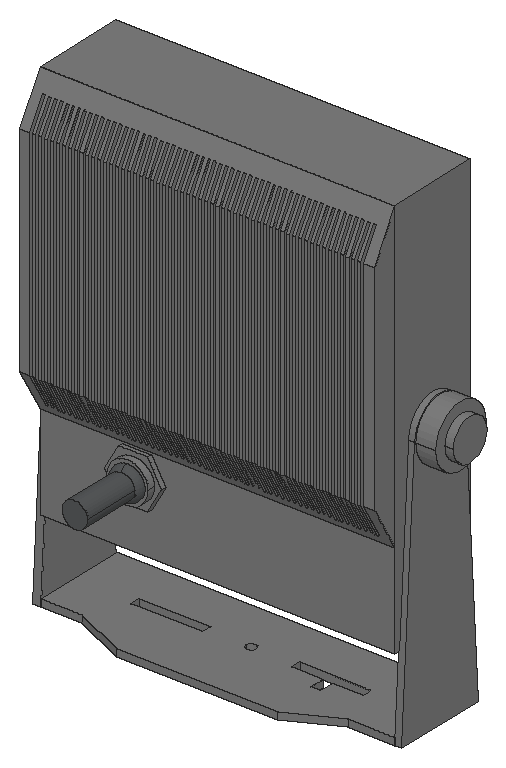
Revit family "LED WALL WASHER SLIM_LKPA3PB0620.30", category Luminarias, Revit 2019
Family settings
  Cota de conector redondo = Diámetro de uso
  Tipo de pieza = Normal
  Se basa en plano de trabajo = Sí
  Siempre vertical = No
  Corte con vacíos al cargar = No
  Origen de luz = Sí
  Compartido = No
  Punto de cálculo de habitación = No
Parameters (values of type "REFL_LKPA3PB0620.30")
  Ángulo de inclinación = 30.00°
  Ángulo de enfoque = 30.00°
  Ángulo de campo de foco = 30.00°
  Zone [instance] = ""
  Watt per fixture = 32
  Wattage = 32 W
  built-in parameter 1150107 = 3000 (stored number, unit not read)
  built-in parameter 1150110 = 1 (stored number, unit not read)
  built-in parameter 1150109 = 1 (stored number, unit not read)
  built-in parameter 1150112 = 1 (stored number, unit not read)
  built-in parameter 1150113 = 1 (stored number, unit not read)
  built-in parameter 1114218 = 1 (stored number, unit not read)
  Keynote = ""
  built-in parameter 1150137 = (empty or 0)
  built-in parameter 1150132 = (empty or 0)
  Modelo = "LKPA3PB0620.30"
  Lámpara = "PROLIGHT RGBW"
  Longitud de símbolo de origen de luz = 500 mm
  built-in parameter 1150105 = 6462.3 (stored number, unit not read)
  built-in parameter 1150102 = (empty or 0)
  built-in parameter 1150106 = 64.623 (stored number, unit not read)
  Lumens = 1000 lm
  Color Filter = 16777215
  built-in parameter 1114217 = 1 (stored number, unit not read)
  built-in parameter 1150139 = (empty or 0)
  Fabricante = "BRILLANT"
  Default Elevation = 0 mm
  built-in parameter 1150104 = 2.9032 (stored number, unit not read)
  Descripción = "LUMINARIA TIPO REFLECTOR SPOT, WALL WASHER , CUERPO EN ALUMINIO EXTRUIDO CUBIERTO CON POLVO GRIS OSCURO Y VIDRIO TEMPLADO DE 4MM, CUENTA CON 6 LED TIPO PROLIGHT RGBW R=299mA G=352mA B=350Ma W=349mA CON UN CONSUMO TOTAL DE 32W, 1000 LUMENES, , IRC 80, IP 66, IK08,  CABLE H05RN DE 2M, APERTURA DE 30 GRADOS EN STOCK, ALIMENTADA A 24V. REQUIERE ACCESORIOS."
  built-in parameter 1150115 = 1 (stored number, unit not read)
  built-in parameter 1150114 = 1 (stored number, unit not read)
  Comentarios de vataje = "24V"
  built-in parameter 1150138 = (empty or 0)
  built-in parameter 1150134 = (empty or 0)
  Circuit [instance] = ""
  Dimming Lamp Color Temperature Shift = 1
  built-in parameter 1150133 = 10 (stored number, unit not read)
Reference planes
  plane 1 "Centro (Frontal/Posterior)": y = 0
  plane 2: z = 0
  plane 3 "Centro (Izquierda/Derecha)": x = 0
  plane 4: x = -90
  plane 5: x = 90
  plane 6: z = 236
  plane 7: x = 0
  plane 8: y = 23
  plane 9: y = -23
  plane 10 "IZQ": x = -39.253
  plane 11 "DER": x = 39.253
Forms (mm)
  Extrusion 1, solid, material "Aluminio"
    sketch origin (0, 0, 0) x (0, 1, 0) y (0, 0, 1)
      loop
        line (23, 236) -> (-23, 236) -> (-23, 40) -> (23, 40) -> (23, 236)
    from -86.353 to 86.461
  Extrusion 2, solid, material "Aluminio"
    sketch origin (0, 0, 0) x (0, 1, 0) y (0, 0, 1)
      loop
        line (-23, 236) -> (-35.5, 214.349) -> (-35.5, 107.901) -> (-23, 86.25) -> (-23, 236)
    from -86.353 to 86.461
  Extrusion 3, solid, material "Aluminio"
    sketch origin (0, 0, 0) x (0, 1, 0) y (0, 0, 1)
      loop
        line (23, 0) -> (15, 130.013)
        arc (15, 130.013) -> (0, 145.013) -> (-15, 130.013) r 15
        line (-15, 130.013) -> (-23, 0) -> (23, 0)
    from -90 to -86.353
  Extrusion 4, void
    sketch origin (0, 0, 0) x (1, 0, 0) y (0, 0, 1)
      loop
        line (-64.5, 221) -> (-64.5, 82.81) -> (64.5, 82.81) -> (64.5, 221) -> (-64.5, 221)
    from -23 to -6.806
  Extrusion 5, solid, material "Aluminio"
    sketch origin (0, 0, 0) x (0, 1, 0) y (0, 0, 1)
      loop
        circle (0, 130.013) r 15
    from -100.208 to -90
  Extrusion 6, solid, material "Aluminio"
    sketch origin (0, 0, 0) x (0, 1, 0) y (0, 0, 1)
      loop
        circle (0, 130.013) r 10
    from -104.801 to -100.208
  Extrusion 7, solid, material "Aluminio"
    sketch origin (0, 0, 0) x (0, 1, 0) y (0, 0, -1)
      loop
        circle (0, -130.013) r 15
    from -100.208 to -90
  Extrusion 8, solid, material "Aluminio"
    sketch origin (0, 0, 0) x (0, 1, 0) y (0, 0, -1)
      loop
        circle (0, -130.013) r 10
    from -104.801 to -100.208
  Extrusion 9, solid, material "Cristal"
    sketch origin (0, 0, 0) x (0, 1, 0) y (0, 0, 1)
      loop
        line (23, 221) -> (21.326, 221) -> (21.326, 82.81) -> (23, 82.81) -> (23, 221)
    from -64.5 to 64.5
  Revolve 10, solid
    sketch origin (-39.253, 24.369, -10) x (0, 0, 1) y (0, 1, 0)
      loop
        arc (200.103, -17.563) -> (194.378, -9.666) -> (185.103, -6.648) r 15.764
        line (185.103, -6.648) -> (185.103, -7.648)
        arc (185.103, -7.648) -> (193.658, -10.38) -> (199.048, -17.563) r 14.764
        line (199.048, -17.563) -> (200.103, -17.563)
      axis (185.103, -6.648) -> (185.103, -17.563)
    angle from 0 to 360
  Revolve 11, solid
    sketch origin (-39.253, 24.369, 311.81) x (0, 0, -1) y (0, 1, 0)
      loop
        arc (206.103, -17.563) -> (200.378, -9.666) -> (191.103, -6.648) r 15.764
        line (191.103, -6.648) -> (191.103, -7.648)
        arc (191.103, -7.648) -> (199.658, -10.38) -> (205.048, -17.563) r 14.764
        line (205.048, -17.563) -> (206.103, -17.563)
      axis (191.103, -6.648) -> (191.103, -17.563)
    angle from 0 to 360
  Revolve 12, solid
    sketch origin (39.253, 24.369, -10) x (0, 0, 1) y (0, 1, 0)
      loop
        arc (200.103, -17.563) -> (194.378, -9.666) -> (185.103, -6.648) r 15.764
        line (185.103, -6.648) -> (185.103, -7.648)
        arc (185.103, -7.648) -> (193.658, -10.38) -> (199.048, -17.563) r 14.764
        line (199.048, -17.563) -> (200.103, -17.563)
      axis (185.103, -6.648) -> (185.103, -17.563)
    angle from 0 to 360
  Revolve 13, solid
    sketch origin (39.253, 24.369, -10) x (0, 0, 1) y (0, 1, 0)
      loop
        line (118.708, -17.563) -> (119.762, -17.563)
        arc (119.762, -17.563) -> (125.152, -10.38) -> (133.708, -7.648) r 14.764
        line (133.708, -7.648) -> (133.708, -6.648)
        arc (133.708, -6.648) -> (124.432, -9.666) -> (118.708, -17.563) r 15.764
      axis (133.708, -6.648) -> (133.708, -17.563)
    angle from 0 to 360
  Extrusion 14, solid, material "Aluminio"
    sketch origin (0, 0, 22.007) x (1, 0, 0) y (0, 0, 1)
      loop
        circle (-39.253, 51.253) r 10
    from 25.139 to 28.744
  Extrusion 15, solid, material "Aluminio"
    sketch origin (0, 0, 15.757) x (1, 0, 0) y (0, 0, 1)
      loop
        line (-46.239, 69.604) -> (-53.226, 57.503) -> (-46.239, 45.402) -> (-32.266, 45.402) -> (-25.28, 57.503) -> (-32.266, 69.604) -> (-46.239, 69.604)
    from 23 to 25.139
  Revolve 16, solid, material "Plastico"
    sketch origin (-39.253, 0, 15.757) x (0, 0, 1) y (0, -1, 0)
      loop
        line (57.503, 28.744) -> (65.76, 28.744)
        spline (65.76, 28.744) -> (65.69, 29.494) -> (65.479, 30.231) -> (65.132, 30.942) -> (64.654, 31.616) -> (64.054, 32.241) -> (63.342, 32.806) -> (62.53, 33.301) -> (61.632, 33.719) -> (60.663, 34.051) -> (59.64, 34.293) -> (58.581, 34.439) -> (57.503, 34.488)
        line (57.503, 34.488) -> (57.503, 28.744)
      axis (57.503, 28.744) -> (57.503, 34.488)
    angle from 0 to 360
  Extrusion 17, solid, material "Plastico"
    sketch origin (0, 0, 45.757) x (1, 0, 0) y (0, 0, 1)
      loop
        circle (-39.253, 27.503) r 6.192
    from 30.422 to 60.866
  Revolve 18, solid
    sketch origin (0, 0, -10) x (0, 1, 0) y (0, 0, 1)
      loop
        line (6.806, 200.103) -> (6.806, 199.048)
        arc (6.806, 199.048) -> (13.989, 193.658) -> (16.721, 185.103) r 14.764
        line (16.721, 185.103) -> (17.721, 185.103)
        arc (17.721, 185.103) -> (14.703, 194.378) -> (6.806, 200.103) r 15.764
      axis (17.721, 185.103) -> (6.806, 185.103)
    angle from 0 to 360
  Revolve 19, solid
    sketch origin (0, 0, -10) x (0, 1, 0) y (0, 0, 1)
      loop
        arc (6.806, 118.708) -> (14.703, 124.432) -> (17.721, 133.708) r 15.764
        line (17.721, 133.708) -> (16.721, 133.708)
        arc (16.721, 133.708) -> (13.989, 125.152) -> (6.806, 119.762) r 14.764
        line (6.806, 119.762) -> (6.806, 118.708)
      axis (17.721, 133.708) -> (6.806, 133.708)
    angle from 0 to 360
  Extrusion 20, solid, material "Aluminio"
    sketch origin (0, 0, 0) x (0, 1, 0) y (0, 0, -1)
      loop
        line (23, 0) -> (-23, 0) -> (-15, -130.013)
        arc (-15, -130.013) -> (0, -145.013) -> (15, -130.013) r 15
        line (15, -130.013) -> (23, 0)
    from -90 to -86.461
  Extrusion 21, solid, material "Aluminio"
    sketch origin (0, 0, 0) x (1, 0, 0) y (0, 1, 0)
      loop
        line (-86.353, 23) -> (-86.353, -23) -> (-66.353, -23) -> (-39.253, -35.5) -> (39.253, -35.5) -> (63.288, -23) -> (86.461, -23) -> (86.461, 23) -> (-86.353, 23)
      loop
        line (-56.753, 0) -> (-56.753, -5) -> (-21.753, -5) -> (-21.753, 0) -> (-56.753, 0)
      loop
        circle (0, -2.5) r 2.5
      loop
        line (56.753, 0) -> (21.753, 0) -> (21.753, -5) -> (36.753, -5) -> (36.753, -12.272) -> (41.753, -12.272) -> (41.753, -5) -> (56.753, -5) -> (56.753, 0)
    from 0 to 3.546
  Extrusion 22, void
    sketch origin (0, 0, 0) x (1, 0, 0) y (0, 1, 0)
      loop
        line (38.182, -35.5) -> (38.182, -25.5) -> (36.792, -25.5) -> (36.792, -35.5) -> (38.182, -35.5)
      loop
        line (35.299, -35.5) -> (35.299, -25.5) -> (33.908, -25.5) -> (33.908, -35.5) -> (35.299, -35.5)
      loop
        line (32.415, -35.5) -> (32.415, -25.5) -> (31.024, -25.5) -> (31.024, -35.5) -> (32.415, -35.5)
      loop
        line (29.531, -35.5) -> (29.531, -25.5) -> (28.141, -25.5) -> (28.141, -35.5) -> (29.531, -35.5)
      loop
        line (26.648, -35.5) -> (26.648, -25.5) -> (25.257, -25.5) -> (25.257, -35.5) -> (26.648, -35.5)
      loop
        line (23.764, -35.5) -> (23.764, -25.5) -> (22.374, -25.5) -> (22.374, -35.5) -> (23.764, -35.5)
      loop
        line (20.881, -35.5) -> (20.881, -25.5) -> (19.49, -25.5) -> (19.49, -35.5) -> (20.881, -35.5)
      loop
        line (17.997, -35.5) -> (17.997, -25.5) -> (16.606, -25.5) -> (16.606, -35.5) -> (17.997, -35.5)
      loop
        line (15.113, -35.5) -> (15.113, -25.5) -> (13.723, -25.5) -> (13.723, -35.5) -> (15.113, -35.5)
      loop
        line (12.23, -35.5) -> (12.23, -25.5) -> (10.839, -25.5) -> (10.839, -35.5) -> (12.23, -35.5)
      loop
        line (9.346, -35.5) -> (9.346, -25.5) -> (7.956, -25.5) -> (7.956, -35.5) -> (9.346, -35.5)
      loop
        line (6.463, -35.5) -> (6.463, -25.5) -> (5.072, -25.5) -> (5.072, -35.5) -> (6.463, -35.5)
      loop
        line (3.579, -35.5) -> (3.579, -25.5) -> (2.188, -25.5) -> (2.188, -35.5) -> (3.579, -35.5)
      loop
        line (0.695, -35.5) -> (0.695, -25.5) -> (-0.695, -25.5) -> (-0.695, -35.5) -> (0.695, -35.5)
      loop
        line (-2.188, -35.5) -> (-2.188, -25.5) -> (-3.579, -25.5) -> (-3.579, -35.5) -> (-2.188, -35.5)
      loop
        line (-5.072, -35.5) -> (-5.072, -25.5) -> (-6.463, -25.5) -> (-6.463, -35.5) -> (-5.072, -35.5)
      loop
        line (-7.956, -35.5) -> (-7.956, -25.5) -> (-9.346, -25.5) -> (-9.346, -35.5) -> (-7.956, -35.5)
      loop
        line (-10.839, -35.5) -> (-10.839, -25.5) -> (-12.23, -25.5) -> (-12.23, -35.5) -> (-10.839, -35.5)
      loop
        line (-13.723, -35.5) -> (-13.723, -25.5) -> (-15.113, -25.5) -> (-15.113, -35.5) -> (-13.723, -35.5)
      loop
        line (-16.606, -35.5) -> (-16.606, -25.5) -> (-17.997, -25.5) -> (-17.997, -35.5) -> (-16.606, -35.5)
      loop
        line (-19.49, -35.5) -> (-19.49, -25.5) -> (-20.881, -25.5) -> (-20.881, -35.5) -> (-19.49, -35.5)
      loop
        line (-22.374, -35.5) -> (-22.374, -25.5) -> (-23.764, -25.5) -> (-23.764, -35.5) -> (-22.374, -35.5)
      loop
        line (-25.257, -35.5) -> (-25.257, -25.5) -> (-26.648, -25.5) -> (-26.648, -35.5) -> (-25.257, -35.5)
      loop
        line (-28.141, -35.5) -> (-28.141, -25.5) -> (-29.531, -25.5) -> (-29.531, -35.5) -> (-28.141, -35.5)
      loop
        line (-31.024, -35.5) -> (-31.024, -25.5) -> (-32.415, -25.5) -> (-32.415, -35.5) -> (-31.024, -35.5)
      loop
        line (-33.908, -35.5) -> (-33.908, -25.5) -> (-35.299, -25.5) -> (-35.299, -35.5) -> (-33.908, -35.5)
      loop
        line (-36.792, -35.5) -> (-36.792, -25.5) -> (-38.182, -25.5) -> (-38.182, -35.5) -> (-36.792, -35.5)
      loop
        line (75.669, -35.5) -> (75.669, -25.5) -> (74.279, -25.5) -> (74.279, -35.5) -> (75.669, -35.5)
      loop
        line (72.786, -35.5) -> (72.786, -25.5) -> (71.395, -25.5) -> (71.395, -35.5) -> (72.786, -35.5)
      loop
        line (69.902, -35.5) -> (69.902, -25.5) -> (68.511, -25.5) -> (68.511, -35.5) -> (69.902, -35.5)
      loop
        line (67.018, -35.5) -> (67.018, -25.5) -> (65.628, -25.5) -> (65.628, -35.5) -> (67.018, -35.5)
      loop
        line (64.135, -35.5) -> (64.135, -25.5) -> (62.744, -25.5) -> (62.744, -35.5) -> (64.135, -35.5)
      loop
        line (61.251, -35.5) -> (61.251, -25.5) -> (59.86, -25.5) -> (59.86, -35.5) -> (61.251, -35.5)
      loop
        line (58.367, -35.5) -> (58.367, -25.5) -> (56.977, -25.5) -> (56.977, -35.5) -> (58.367, -35.5)
      loop
        line (55.484, -35.5) -> (55.484, -25.5) -> (54.093, -25.5) -> (54.093, -35.5) -> (55.484, -35.5)
      loop
        line (52.6, -35.5) -> (52.6, -25.5) -> (51.21, -25.5) -> (51.21, -35.5) -> (52.6, -35.5)
      loop
        line (49.717, -35.5) -> (49.717, -25.5) -> (48.326, -25.5) -> (48.326, -35.5) -> (49.717, -35.5)
      loop
        line (46.833, -35.5) -> (46.833, -25.5) -> (45.442, -25.5) -> (45.442, -35.5) -> (46.833, -35.5)
      loop
        line (43.949, -35.5) -> (43.949, -25.5) -> (42.559, -25.5) -> (42.559, -35.5) -> (43.949, -35.5)
      loop
        line (41.066, -35.5) -> (41.066, -25.5) -> (39.675, -25.5) -> (39.675, -35.5) -> (41.066, -35.5)
      loop
        line (81.436, -35.5) -> (81.436, -25.5) -> (80.046, -25.5) -> (80.046, -35.5) -> (81.436, -35.5)
      loop
        line (78.553, -35.5) -> (78.553, -25.5) -> (77.162, -25.5) -> (77.162, -35.5) -> (78.553, -35.5)
      loop
        line (-39.675, -35.5) -> (-39.675, -25.5) -> (-41.066, -25.5) -> (-41.066, -35.5) -> (-39.675, -35.5)
      loop
        line (-42.559, -35.5) -> (-42.559, -25.5) -> (-43.949, -25.5) -> (-43.949, -35.5) -> (-42.559, -35.5)
      loop
        line (-45.442, -35.5) -> (-45.442, -25.5) -> (-46.833, -25.5) -> (-46.833, -35.5) -> (-45.442, -35.5)
      loop
        line (-48.326, -35.5) -> (-48.326, -25.5) -> (-49.717, -25.5) -> (-49.717, -35.5) -> (-48.326, -35.5)
      loop
        line (-51.21, -35.5) -> (-51.21, -25.5) -> (-52.6, -25.5) -> (-52.6, -35.5) -> (-51.21, -35.5)
      loop
        line (-54.093, -35.5) -> (-54.093, -25.5) -> (-55.484, -25.5) -> (-55.484, -35.5) -> (-54.093, -35.5)
      loop
        line (-56.977, -35.5) -> (-56.977, -25.5) -> (-58.367, -25.5) -> (-58.367, -35.5) -> (-56.977, -35.5)
      loop
        line (-59.86, -35.5) -> (-59.86, -25.5) -> (-61.251, -25.5) -> (-61.251, -35.5) -> (-59.86, -35.5)
      loop
        line (-62.744, -35.5) -> (-62.744, -25.5) -> (-64.135, -25.5) -> (-64.135, -35.5) -> (-62.744, -35.5)
      loop
        line (-65.628, -35.5) -> (-65.628, -25.5) -> (-67.018, -25.5) -> (-67.018, -35.5) -> (-65.628, -35.5)
      loop
        line (-68.511, -35.5) -> (-68.511, -25.5) -> (-69.902, -25.5) -> (-69.902, -35.5) -> (-68.511, -35.5)
      loop
        line (-71.395, -35.5) -> (-71.395, -25.5) -> (-72.786, -25.5) -> (-72.786, -35.5) -> (-71.395, -35.5)
      loop
        line (-74.279, -35.5) -> (-74.279, -25.5) -> (-75.669, -25.5) -> (-75.669, -35.5) -> (-74.279, -35.5)
      loop
        line (-77.162, -35.5) -> (-77.162, -25.5) -> (-78.553, -25.5) -> (-78.553, -35.5) -> (-77.162, -35.5)
      loop
        line (-80.046, -35.5) -> (-80.046, -25.5) -> (-81.436, -25.5) -> (-81.436, -35.5) -> (-80.046, -35.5)
    from 85.361 to 227.764
Cuts and joins
  Extrusion 4 cuts Extrusion 1
  Extrusion 4 cuts Extrusion 3
  Extrusion 22 cuts Extrusion 21
  Extrusion 22 cuts Extrusion 2
Dimensions and locks
  equal spacing: plane 4, plane 3 "Centro (Izquierda/Derecha)", plane 5
  plane 4 to plane 5 = 180 mm
  plane 4 to plane 3 "Centro (Izquierda/Derecha)" = 90 mm
  plane 6 to plane 2 = 236 mm
  plane 6 to level = 236 mm
  plane 5 to plane 4 = 180 mm
  equal spacing: plane 9, plane 1 "Centro (Frontal/Posterior)", plane 8
  plane 9 to plane 8 = 46 mm
  plane 9 to plane 1 "Centro (Frontal/Posterior)" = 23 mm
  equal spacing: plane 11 "DER", plane 3 "Centro (Izquierda/Derecha)", plane 10 "IZQ"
  Extrusion 21 to Extrusion 21 = 3.546 mm
  cut or joined group of Extrusion 3, Extrusion 4 to cut or joined group of Extrusion 3, Extrusion 4 = 3.647 mm
  Extrusion 20 to Extrusion 20 = 3.539 mm
  aligned and locked: level to plane 2
  aligned and locked: plane 6 to Extrusion 1 sketch curve
  aligned and locked: Extrusion 1 to plane 8
  aligned and locked: Extrusion 1 to plane 9
  aligned and locked: Extrusion 3 to plane 4
  aligned and locked: Extrusion 4 to plane 8
  aligned and locked: Extrusion 2 to cut or joined group of Extrusion 3, Extrusion 4
  aligned and locked: Extrusion 1 to Extrusion 2
  aligned and locked: Extrusion 2 to Extrusion 1
  aligned and locked: plane 4 to Extrusion 5
  aligned and locked: Extrusion 6 to Extrusion 5
  aligned and locked: Extrusion 7 to Extrusion 8
  aligned and locked: cut or joined group of Extrusion 1, Extrusion 4 to Extrusion 9
  aligned and locked: Extrusion 9 to cut or joined group of Extrusion 1, Extrusion 4
  aligned and locked: plane 9 to Extrusion 21 sketch curve
  aligned and locked: plane 8 to Extrusion 21 sketch curve
  aligned and locked: Extrusion 21 sketch curve to cut or joined group of Extrusion 1, Extrusion 4  (x2)
Automatic sketch dimensions
  Extrusion 1 sketch curve to plane 9 = 0 mm
  Extrusion 1 sketch curve to plane 8 = 0 mm
  level to Extrusion 1 sketch curve = 40 mm
  Extrusion 2 sketch curve to plane 9 = 0 mm
  Extrusion 2 sketch curve to plane 6 = 0 mm
  Extrusion 2 sketch curve to plane 9 = 12.5 mm
  Extrusion 2 sketch curve to plane 6 = 21.651 mm
  level to Extrusion 2 sketch curve = 107.901 mm
  Extrusion 2 sketch curve to Extrusion 2 sketch curve = 21.651 mm
  Extrusion 3 sketch curve to level = 0 mm
  Extrusion 3 sketch curve to plane 9 = 0 mm
  Extrusion 3 sketch curve to plane 1 "Centro (Frontal/Posterior)" = 0 mm
  Extrusion 3 sketch curve to plane 8 = 0 mm
  plane 9 to Extrusion 3 sketch curve = 8 mm
  Extrusion 3 sketch curve to plane 6 = 105.987 mm
  Extrusion 4 sketch curve to plane 10 "IZQ" = 25.247 mm
  Extrusion 4 sketch curve to plane 11 "DER" = 25.247 mm
  level to Extrusion 4 sketch curve = 82.81 mm
  Extrusion 4 sketch curve to plane 6 = 15 mm
  Extrusion 5 sketch curve to plane 1 "Centro (Frontal/Posterior)" = 0 mm
  Extrusion 5 sketch curve to plane 6 = 105.987 mm
  Extrusion 6 sketch curve to plane 1 "Centro (Frontal/Posterior)" = 0 mm
  Extrusion 6 sketch curve to plane 6 = 105.987 mm
  Extrusion 7 sketch curve to plane 1 "Centro (Frontal/Posterior)" = 0 mm
  Extrusion 7 sketch curve to plane 6 = 105.987 mm
  Extrusion 8 sketch curve to plane 1 "Centro (Frontal/Posterior)" = 0 mm
  Extrusion 8 sketch curve to plane 6 = 105.987 mm
  Extrusion 9 sketch curve to plane 8 = 0 mm
  plane 8 to Extrusion 9 sketch curve = 1.674 mm
  level to Extrusion 9 sketch curve = 82.81 mm
  Extrusion 9 sketch curve to plane 6 = 15 mm
  Revolve 10 sketch curve to Revolve 10 sketch curve = 0 mm  (x3)
  plane 1 "Centro (Frontal/Posterior)" to Revolve 10 sketch curve = 1.956 mm
  plane 6 to Revolve 10 sketch curve = 60.897 mm
  plane 1 "Centro (Frontal/Posterior)" to Revolve 10 sketch curve = 6.806 mm
  Revolve 10 sketch curve to Revolve 10 sketch curve = 13.945 mm
  Revolve 10 sketch curve to Revolve 10 sketch curve = 1.055 mm
  Revolve 10 sketch curve to plane 1 "Centro (Frontal/Posterior)" = 7.124 mm
  Revolve 10 sketch curve to Revolve 10 sketch curve = 0.75 mm
  Revolve 11 sketch curve to Revolve 11 sketch curve = 0 mm  (x3)
  Revolve 11 sketch curve to plane 1 "Centro (Frontal/Posterior)" = 1.956 mm
  Revolve 11 sketch curve to plane 6 = 115.292 mm
  Revolve 11 sketch curve to plane 1 "Centro (Frontal/Posterior)" = 6.806 mm
  Revolve 11 sketch curve to Revolve 11 sketch curve = 13.945 mm
  Revolve 11 sketch curve to Revolve 11 sketch curve = 1.055 mm
  plane 1 "Centro (Frontal/Posterior)" to Revolve 11 sketch curve = 7.124 mm
  Revolve 11 sketch curve to Revolve 11 sketch curve = 0.75 mm
  Revolve 12 sketch curve to Revolve 12 sketch curve = 0 mm  (x3)
  Revolve 12 sketch curve to plane 1 "Centro (Frontal/Posterior)" = 1.956 mm
  Revolve 12 sketch curve to plane 6 = 60.897 mm
  Revolve 12 sketch curve to plane 1 "Centro (Frontal/Posterior)" = 6.806 mm
  Revolve 12 sketch curve to Revolve 12 sketch curve = 13.945 mm
  Revolve 12 sketch curve to Revolve 12 sketch curve = 1.055 mm
  plane 1 "Centro (Frontal/Posterior)" to Revolve 12 sketch curve = 7.124 mm
  Revolve 12 sketch curve to Revolve 12 sketch curve = 0.75 mm
  Revolve 13 sketch curve to Revolve 13 sketch curve = 0 mm  (x3)
  Revolve 13 sketch curve to plane 1 "Centro (Frontal/Posterior)" = 6.806 mm
  Revolve 13 sketch curve to plane 6 = 127.292 mm
  Revolve 13 sketch curve to Revolve 13 sketch curve = 1.055 mm
  Revolve 13 sketch curve to plane 1 "Centro (Frontal/Posterior)" = 1.956 mm
  Revolve 13 sketch curve to Revolve 13 sketch curve = 13.945 mm
  plane 1 "Centro (Frontal/Posterior)" to Revolve 13 sketch curve = 7.124 mm
  Revolve 13 sketch curve to Revolve 13 sketch curve = 0.75 mm
  plane 10 "IZQ" to Extrusion 14 sketch curve = 0 mm
  level to Extrusion 14 sketch curve = 73.26 mm
  Extrusion 15 sketch curve to plane 10 "IZQ" = 13.973 mm
  Extrusion 15 sketch curve to plane 10 "IZQ" = 6.986 mm  (x2)
  plane 10 "IZQ" to Extrusion 15 sketch curve = 6.986 mm  (x2)
  Extrusion 15 sketch curve to Extrusion 15 sketch curve = 6.986 mm
  level to Extrusion 15 sketch curve = 61.159 mm
  Extrusion 15 sketch curve to Extrusion 15 sketch curve = 12.101 mm  (x3)
  Revolve 16 sketch curve to plane 9 = 5.744 mm
  level to Revolve 16 sketch curve = 73.26 mm
  Revolve 16 sketch curve to Revolve 16 sketch curve = 8.257 mm
  Revolve 16 sketch curve to Revolve 16 sketch curve = 0 mm  (x3)
  Revolve 16 sketch curve to Revolve 16 sketch curve = 5.744 mm
  Revolve 16 sketch curve to Revolve 16 sketch curve = 12.152 mm
  plane 10 "IZQ" to Extrusion 17 sketch curve = 0 mm
  level to Extrusion 17 sketch curve = 73.26 mm
  Revolve 18 sketch curve to Revolve 18 sketch curve = 0 mm  (x3)
  Revolve 18 sketch curve to plane 1 "Centro (Frontal/Posterior)" = 1.956 mm
  Revolve 18 sketch curve to plane 1 "Centro (Frontal/Posterior)" = 6.806 mm
  plane 8 to Revolve 18 sketch curve = 6.279 mm
  Revolve 18 sketch curve to Revolve 18 sketch curve = 1 mm
  Revolve 18 sketch curve to plane 6 = 60.897 mm
  plane 1 "Centro (Frontal/Posterior)" to Revolve 18 sketch curve = 7.124 mm
  Revolve 18 sketch curve to Revolve 18 sketch curve = 0.75 mm
  Revolve 19 sketch curve to Revolve 19 sketch curve = 0 mm  (x3)
  Revolve 19 sketch curve to plane 1 "Centro (Frontal/Posterior)" = 1.956 mm
  Revolve 19 sketch curve to plane 1 "Centro (Frontal/Posterior)" = 6.806 mm
  plane 8 to Revolve 19 sketch curve = 6.279 mm
  Revolve 19 sketch curve to Revolve 19 sketch curve = 1 mm
  Revolve 19 sketch curve to plane 6 = 127.292 mm
  plane 1 "Centro (Frontal/Posterior)" to Revolve 19 sketch curve = 7.124 mm
  Revolve 19 sketch curve to Revolve 19 sketch curve = 0.75 mm
  Extrusion 20 sketch curve to level = 0 mm
  Extrusion 20 sketch curve to plane 9 = 0 mm
  Extrusion 20 sketch curve to plane 1 "Centro (Frontal/Posterior)" = 0 mm
  Extrusion 20 sketch curve to plane 8 = 0 mm
  plane 9 to Extrusion 20 sketch curve = 8 mm
  Extrusion 20 sketch curve to plane 6 = 105.987 mm
  Extrusion 21 sketch curve to plane 9 = 0 mm
  plane 1 "Centro (Frontal/Posterior)" to Extrusion 21 sketch curve = 0 mm  (x2)
  Extrusion 21 sketch curve to plane 10 "IZQ" = 0 mm
  Extrusion 21 sketch curve to plane 3 "Centro (Izquierda/Derecha)" = 0 mm
  Extrusion 21 sketch curve to plane 11 "DER" = 0 mm
  Extrusion 21 sketch curve to Extrusion 21 sketch curve = 20 mm
  plane 1 "Centro (Frontal/Posterior)" to Extrusion 21 sketch curve = 5 mm  (x3)
  Extrusion 21 sketch curve to plane 10 "IZQ" = 17.5 mm
  plane 10 "IZQ" to Extrusion 21 sketch curve = 17.5 mm
  plane 11 "DER" to Extrusion 21 sketch curve = 17.5 mm
  plane 11 "DER" to Extrusion 21 sketch curve = 2.5 mm
  Extrusion 21 sketch curve to plane 11 "DER" = 2.5 mm
  Extrusion 21 sketch curve to Extrusion 21 sketch curve = 15 mm
  Extrusion 21 sketch curve to Extrusion 21 sketch curve = 6.535 mm
  Extrusion 21 sketch curve to plane 9 = 12.5 mm
  Extrusion 21 sketch curve to Extrusion 21 sketch curve = 7.272 mm
  plane 1 "Centro (Frontal/Posterior)" to Extrusion 21 sketch curve = 2.5 mm
  Extrusion 22 sketch curve to Extrusion 22 sketch curve = 1.391 mm  (x54)
  Extrusion 22 sketch curve to Extrusion 22 sketch curve = 1.493 mm  (x53)
  Extrusion 22 sketch curve to plane 10 "IZQ" = 0.422 mm
  plane 10 "IZQ" to Extrusion 22 sketch curve = 1.071 mm
  Extrusion 22 sketch curve to plane 3 "Centro (Izquierda/Derecha)" = 0.695 mm
  plane 3 "Centro (Izquierda/Derecha)" to Extrusion 22 sketch curve = 0.695 mm
  plane 11 "DER" to Extrusion 22 sketch curve = 1.071 mm
  Extrusion 22 sketch curve to plane 11 "DER" = 0.422 mm
  Extrusion 22 sketch curve to plane 9 = 2.5 mm  (x3)
  Extrusion 22 sketch curve to Extrusion 22 sketch curve = 0 mm  (x109)
  Extrusion 22 sketch curve to Extrusion 22 sketch curve = 10 mm  (x2)
  plane 4 to Extrusion 22 sketch curve = 8.564 mm
  radius of Extrusion 5 sketch curve = 15 mm
  radius of Extrusion 6 sketch curve = 10 mm
  radius of Extrusion 7 sketch curve = 15 mm
  radius of Extrusion 8 sketch curve = 10 mm
  radius of Extrusion 14 sketch curve = 10 mm
  radius of Extrusion 17 sketch curve = 6.192 mm
  radius of Extrusion 21 sketch curve = 2.5 mm
Connectors
  electrical at (-39.253, -60.866, 73.26)
    settings: on Extrusion 17, index 1, voltage 24 V, apparent load 0 VA, apparent load phase1 0 VA, apparent load phase2 0 VA, apparent load phase3 0 VA, power factor 1, load classification "Otro", number of poles 1, system type 31, power factor state 1, is connector primary yes, connector utility no, sub classification motor no, connector description ""
